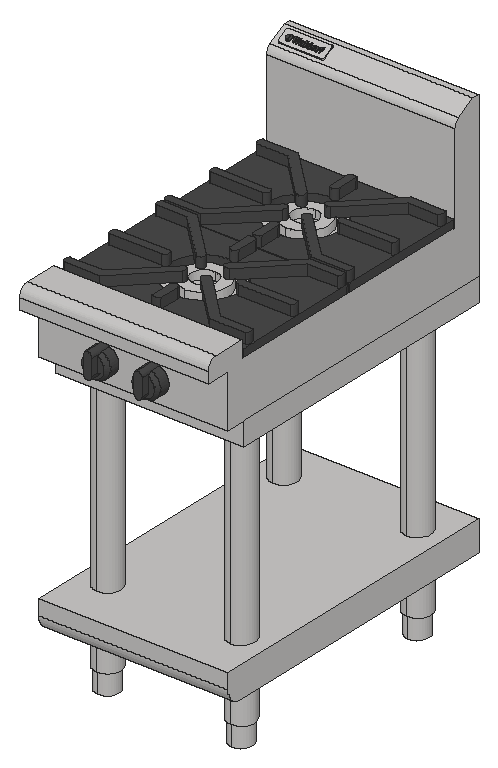
Revit family "QF_MOFFAT WALDORF_RN8450G-LS", category Specialty Equipment, Revit 2012
Parameters
  Weight in Pounds = 189.5973
  URL Cutsheet = "www.moffat.com"
  URL = "www.moffat.com"
  Type Mark [instance] = ""
  Status [instance] = ""
  Specification by User [instance] = ""
  Specification by Manufacturer = ""
  Show Logo [instance] = yes
  Show Casters [instance] = no
  Serial Number = ""
  Seismic Rating = ""
  SMACNA No = ""
  Revision Code [instance] = ""
  Omniclass Number and Title = ""
  NAFEM Spec ID Number = ""
  Model = "RN8450G-LS"
  Mechanical Remarks [instance] = ""
  Mechanical Connection Type [instance] = ""
  Masterspec = ""
  Manufacturer = "MOFFAT WALDORF"
  Legs [instance] = not(Show Casters)  # yes
  Item Number [instance] = ""
  Installed By [instance] = ""
  Identify Quantity as Lot [instance] = yes
  Gas Size = 3/4"
  Gas RI Height [instance] = 0 mm
  Gas KW [instance] = 15.5
  Gas Input [instance] = 53078.0 Btu/h
  Gas Connection Height = 0 mm
  Furnished By [instance] = ""
  Foodservice Equipment Identifier [instance] = yes
  Description = "COOK TOP GAS ON LEG STAND"
  CSI MasterFormat = ""
  CSI Master Format = ""
Reference planes
  plane 1 "BACK": y = 0
  plane 2: z = 0
  plane 3 "LEFT": x = 0
  plane 4 "RIGHT": x = 450
  plane 5 "FRONT": y = -805
  plane 6 "TOP": z = 1130
  plane 7 "Center Y": x = 225
  plane 8 "Center X": y = -402.5
Forms (mm)
  Extrusion 1, solid, material "QF_Finishes_Stainless Steel"
    sketch origin (0, 0, 0) x (0, 1, 0) y (0, 0, 1)
      loop
        line (-805, 891) -> (-805, 866) -> (-749, 866) -> (-749, 740) -> (0, 740) -> (0, 1130) -> (-16.5, 1130) -> (-58.709, 1105.631)
        arc (-58.709, 1105.631) -> (-66.975, 1097.365) -> (-70, 1086.074) r 22.582
        line (-70, 1086.074) -> (-70, 875) -> (-705, 875) -> (-705, 915) -> (-781, 915)
        arc (-781, 915) -> (-797.971, 907.971) -> (-805, 891) r 24
      loop
        line (0, 739.206) -> (-699, 739.206) -> (-699, 685) -> (0, 685) -> (0, 739.206)
      loop
        line (0, 222.5) -> (-749, 222.5) -> (-749, 188)
        arc (-749, 188) -> (-737.87, 161.13) -> (-711, 150) r 38
        line (-711, 150) -> (0, 150) -> (0, 222.5)
    from 0 to 450
  Revolve 2, solid, material "QF_Finishes_Black"
    sketch origin (285, 0, 600) x (0, -1, 0) y (0, 0, 1)
      loop
        line (782, 229.605) -> (759, 229.605) -> (759, 202.105) -> (749, 202.105) -> (749, 197.105) -> (793, 197.105) -> (793, 223.757) -> (782, 229.605)
      axis (793, 197.105) -> (749, 197.105)
    angle from 0 to 360
  Extrusion 3, solid, material "QF_Finishes_Black"
    sketch origin (146.569, 0, 496.003) x (1, 0, 0) y (0, 0, 1)
      loop
        line (148.431, 289) -> (148.431, 327.997)
        arc (148.431, 327.997) -> (138.431, 337.997) -> (128.431, 327.997) r 10
        line (128.431, 327.997) -> (128.431, 289)
        arc (128.431, 289) -> (138.431, 279) -> (148.431, 289) r 10
    from 759 to 808
  Extrusion 4, solid, material "QF_Finishes_Stainless Steel"
    sketch origin (0, -699, 685) x (1, 0, 0) y (0, -1, 0)
      loop
        circle (320, -667) r 13.5
    from 0 to 30
  Revolve 5, solid, material "QF_Finishes_Black"
    sketch origin (165, 0, 599.873) x (0, 1, 0) y (0, 0, -1)
      loop
        line (-782, -229.5) -> (-759, -229.5) -> (-759, -202) -> (-749, -202) -> (-749, -197) -> (-793, -197) -> (-793, -223.651) -> (-782, -229.5)
      axis (-793, -197) -> (-749, -197)
    angle from 0 to 360
  Extrusion 6, solid, material "QF_Finishes_Black"
    sketch origin (303.27, 0, 600.031) x (-1, 0, 0) y (0, 0, -1)
      loop
        arc (148.269, -184.969) -> (138.269, -174.969) -> (128.269, -184.969) r 10
        line (128.269, -184.969) -> (128.269, -223.969)
        arc (128.269, -223.969) -> (138.269, -233.969) -> (148.269, -223.969) r 10
        line (148.269, -223.969) -> (148.269, -184.969)
    from 759 to 808
  Extrusion 7, solid, material "QF_Finishes_Black"
    sketch origin (0, -70, 875) x (0, -1, 0) y (1, 0, 0)
      loop
        line (316, 4) -> (316, 446)
        arc (316, 446) -> (315.121, 448.121) -> (313, 449) r 3
        line (313, 449) -> (4, 449)
        arc (4, 449) -> (1.879, 448.121) -> (1, 446) r 3
        line (1, 446) -> (1, 4)
        arc (1, 4) -> (1.879, 1.879) -> (4, 1) r 3
        line (4, 1) -> (313, 1)
        arc (313, 1) -> (315.121, 1.879) -> (316, 4) r 3
      loop
        line (321, 1) -> (630, 1)
        arc (630, 1) -> (632.121, 1.879) -> (633, 4) r 3
        line (633, 4) -> (633, 446)
        arc (633, 446) -> (632.121, 448.121) -> (630, 449) r 3
        line (630, 449) -> (321, 449)
        arc (321, 449) -> (318.879, 448.121) -> (318, 446) r 3
        line (318, 446) -> (318, 4)
        arc (318, 4) -> (318.879, 1.879) -> (321, 1) r 3
      loop
        circle (166.5, 225) r 87
      loop
        circle (466.5, 225) r 87
    from 0 to 19.5
  Extrusion 8, solid, material "QF_Finishes_Black"
    sketch origin (0, -70, 894.5) x (0, -1, 0) y (1, 0, 0)
      loop
        line (39.503, 81.861) -> (141.683, 184.041)
        spline (141.683, 184.041) -> (143.272, 186.112) -> (144.271, 188.524) -> (144.612, 191.112) -> (144.271, 193.7) -> (143.272, 196.112) -> (141.683, 198.183) -> (139.612, 199.772) -> (137.2, 200.771) -> (134.612, 201.112) -> (132.024, 200.771) -> (129.612, 199.772) -> (127.541, 198.183)
        line (127.541, 198.183) -> (19.503, 90.145) -> (19.503, 8.933)
        spline (19.503, 8.933) -> (19.844, 7.639) -> (20.843, 6.433) -> (22.432, 5.397) -> (24.503, 4.603) -> (26.915, 4.103) -> (29.503, 3.933) -> (32.091, 4.103) -> (34.503, 4.603) -> (36.574, 5.397) -> (38.163, 6.433) -> (39.162, 7.639) -> (39.503, 8.933)
        line (39.503, 8.933) -> (39.503, 81.861)
      loop
        line (19.503, 359.855) -> (127.541, 251.817)
        spline (127.541, 251.817) -> (129.612, 250.228) -> (132.024, 249.229) -> (134.612, 248.888) -> (137.2, 249.229) -> (139.612, 250.228) -> (141.683, 251.817) -> (143.272, 253.888) -> (144.271, 256.3) -> (144.612, 258.888) -> (144.271, 261.476) -> (143.272, 263.888) -> (141.683, 265.959)
        line (141.683, 265.959) -> (39.503, 368.139) -> (39.503, 441.067)
        spline (39.503, 441.067) -> (39.162, 442.361) -> (38.163, 443.567) -> (36.574, 444.603) -> (34.503, 445.397) -> (32.091, 445.897) -> (29.503, 446.067) -> (26.915, 445.897) -> (24.503, 445.397) -> (22.432, 444.603) -> (20.843, 443.567) -> (19.844, 442.361) -> (19.503, 441.067)
        line (19.503, 441.067) -> (19.503, 359.855)
      loop
        spline (26.398, 235) -> (25.104, 234.659) -> (23.898, 233.66) -> (22.862, 232.071) -> (22.068, 230) -> (21.568, 227.588) -> (21.398, 225) -> (21.568, 222.412) -> (22.068, 220) -> (22.862, 217.929) -> (23.898, 216.34) -> (25.104, 215.341) -> (26.398, 215)
        line (26.398, 215) -> (75.602, 215)
        spline (75.602, 215) -> (78.19, 215.341) -> (80.602, 216.34) -> (82.673, 217.929) -> (84.262, 220) -> (85.261, 222.412) -> (85.602, 225) -> (85.261, 227.588) -> (84.262, 230) -> (82.673, 232.071) -> (80.602, 233.66) -> (78.19, 234.659) -> (75.602, 235)
        line (75.602, 235) -> (26.398, 235)
      loop
        line (158.5, 441.102) -> (158.5, 316.898)
        spline (158.5, 316.898) -> (158.841, 314.31) -> (159.84, 311.898) -> (161.429, 309.827) -> (163.5, 308.238) -> (165.912, 307.239) -> (168.5, 306.898) -> (171.088, 307.239) -> (173.5, 308.238) -> (175.571, 309.827) -> (177.16, 311.898) -> (178.159, 314.31) -> (178.5, 316.898)
        line (178.5, 316.898) -> (178.5, 441.102)
        spline (178.5, 441.102) -> (178.159, 442.396) -> (177.16, 443.602) -> (175.571, 444.638) -> (173.5, 445.432) -> (171.088, 445.932) -> (168.5, 446.102) -> (165.912, 445.932) -> (163.5, 445.432) -> (161.429, 444.638) -> (159.84, 443.602) -> (158.841, 442.396) -> (158.5, 441.102)
      loop
        line (313.497, 355.855) -> (313.497, 441.067)
        spline (313.497, 441.067) -> (313.156, 442.361) -> (312.157, 443.567) -> (310.568, 444.603) -> (308.497, 445.397) -> (306.085, 445.897) -> (303.497, 446.067) -> (300.909, 445.897) -> (298.497, 445.397) -> (296.426, 444.603) -> (294.837, 443.567) -> (293.838, 442.361) -> (293.497, 441.067)
        line (293.497, 441.067) -> (293.497, 364.139) -> (190.439, 261.081)
        spline (190.439, 261.081) -> (188.85, 259.01) -> (187.851, 256.598) -> (187.51, 254.01) -> (187.851, 251.422) -> (188.85, 249.01) -> (190.439, 246.939) -> (192.51, 245.35) -> (194.922, 244.351) -> (197.51, 244.01) -> (200.098, 244.351) -> (202.51, 245.35) -> (204.581, 246.939)
        line (204.581, 246.939) -> (313.497, 355.855)
      loop
        line (293.497, 85.861) -> (293.497, 8.933)
        spline (293.497, 8.933) -> (293.838, 7.639) -> (294.837, 6.433) -> (296.426, 5.397) -> (298.497, 4.603) -> (300.909, 4.103) -> (303.497, 3.933) -> (306.085, 4.103) -> (308.497, 4.603) -> (310.568, 5.397) -> (312.157, 6.433) -> (313.156, 7.639) -> (313.497, 8.933)
        line (313.497, 8.933) -> (313.497, 94.145) -> (204.581, 203.061)
        spline (204.581, 203.061) -> (202.51, 204.65) -> (200.098, 205.649) -> (197.51, 205.99) -> (194.922, 205.649) -> (192.51, 204.65) -> (190.439, 203.061) -> (188.85, 200.99) -> (187.851, 198.578) -> (187.51, 195.99) -> (187.851, 193.402) -> (188.85, 190.99) -> (190.439, 188.919)
        line (190.439, 188.919) -> (293.497, 85.861)
      loop
        line (178.5, 8.898) -> (178.5, 133.102)
        spline (178.5, 133.102) -> (178.159, 135.69) -> (177.16, 138.102) -> (175.571, 140.173) -> (173.5, 141.762) -> (171.088, 142.761) -> (168.5, 143.102) -> (165.912, 142.761) -> (163.5, 141.762) -> (161.429, 140.173) -> (159.84, 138.102) -> (158.841, 135.69) -> (158.5, 133.102)
        line (158.5, 133.102) -> (158.5, 8.898)
        spline (158.5, 8.898) -> (158.841, 7.604) -> (159.84, 6.398) -> (161.429, 5.362) -> (163.5, 4.568) -> (165.912, 4.068) -> (168.5, 3.898) -> (171.088, 4.068) -> (173.5, 4.568) -> (175.571, 5.362) -> (177.16, 6.398) -> (178.159, 7.604) -> (178.5, 8.898)
      loop
        spline (308.602, 215) -> (309.896, 215.341) -> (311.102, 216.34) -> (312.138, 217.929) -> (312.932, 220) -> (313.432, 222.412) -> (313.602, 225) -> (313.432, 227.588) -> (312.932, 230) -> (312.138, 232.071) -> (311.102, 233.66) -> (309.896, 234.659) -> (308.602, 235)
        line (308.602, 235) -> (259.398, 235)
        spline (259.398, 235) -> (256.81, 234.659) -> (254.398, 233.66) -> (252.327, 232.071) -> (250.738, 230) -> (249.739, 227.588) -> (249.398, 225) -> (249.739, 222.412) -> (250.738, 220) -> (252.327, 217.929) -> (254.398, 216.34) -> (256.81, 215.341) -> (259.398, 215)
        line (259.398, 215) -> (308.602, 215)
      loop
        line (339.503, 81.861) -> (441.683, 184.041)
        spline (441.683, 184.041) -> (443.272, 186.112) -> (444.271, 188.524) -> (444.612, 191.112) -> (444.271, 193.7) -> (443.272, 196.112) -> (441.683, 198.183) -> (439.612, 199.772) -> (437.2, 200.771) -> (434.612, 201.112) -> (432.024, 200.771) -> (429.612, 199.772) -> (427.541, 198.183)
        line (427.541, 198.183) -> (319.503, 90.145) -> (319.503, 8.933)
        spline (319.503, 8.933) -> (319.844, 7.639) -> (320.843, 6.433) -> (322.432, 5.397) -> (324.503, 4.603) -> (326.915, 4.103) -> (329.503, 3.933) -> (332.091, 4.103) -> (334.503, 4.603) -> (336.574, 5.397) -> (338.163, 6.433) -> (339.162, 7.639) -> (339.503, 8.933)
        line (339.503, 8.933) -> (339.503, 81.861)
      loop
        line (319.503, 359.855) -> (427.541, 251.817)
        spline (427.541, 251.817) -> (429.612, 250.228) -> (432.024, 249.229) -> (434.612, 248.888) -> (437.2, 249.229) -> (439.612, 250.228) -> (441.683, 251.817) -> (443.272, 253.888) -> (444.271, 256.3) -> (444.612, 258.888) -> (444.271, 261.476) -> (443.272, 263.888) -> (441.683, 265.959)
        line (441.683, 265.959) -> (339.503, 368.139) -> (339.503, 441.067)
        spline (339.503, 441.067) -> (339.162, 442.361) -> (338.163, 443.567) -> (336.574, 444.603) -> (334.503, 445.397) -> (332.091, 445.897) -> (329.503, 446.067) -> (326.915, 445.897) -> (324.503, 445.397) -> (322.432, 444.603) -> (320.843, 443.567) -> (319.844, 442.361) -> (319.503, 441.067)
        line (319.503, 441.067) -> (319.503, 359.855)
      loop
        spline (326.398, 235) -> (325.104, 234.659) -> (323.898, 233.66) -> (322.862, 232.071) -> (322.068, 230) -> (321.568, 227.588) -> (321.398, 225) -> (321.568, 222.412) -> (322.068, 220) -> (322.862, 217.929) -> (323.898, 216.34) -> (325.104, 215.341) -> (326.398, 215)
        line (326.398, 215) -> (375.602, 215)
        spline (375.602, 215) -> (378.19, 215.341) -> (380.602, 216.34) -> (382.673, 217.929) -> (384.262, 220) -> (385.261, 222.412) -> (385.602, 225) -> (385.261, 227.588) -> (384.262, 230) -> (382.673, 232.071) -> (380.602, 233.66) -> (378.19, 234.659) -> (375.602, 235)
        line (375.602, 235) -> (326.398, 235)
      loop
        line (458.5, 441.102) -> (458.5, 316.898)
        spline (458.5, 316.898) -> (458.841, 314.31) -> (459.84, 311.898) -> (461.429, 309.827) -> (463.5, 308.238) -> (465.912, 307.239) -> (468.5, 306.898) -> (471.088, 307.239) -> (473.5, 308.238) -> (475.571, 309.827) -> (477.16, 311.898) -> (478.159, 314.31) -> (478.5, 316.898)
        line (478.5, 316.898) -> (478.5, 441.102)
        spline (478.5, 441.102) -> (478.159, 442.396) -> (477.16, 443.602) -> (475.571, 444.638) -> (473.5, 445.432) -> (471.088, 445.932) -> (468.5, 446.102) -> (465.912, 445.932) -> (463.5, 445.432) -> (461.429, 444.638) -> (459.84, 443.602) -> (458.841, 442.396) -> (458.5, 441.102)
      loop
        line (613.497, 355.855) -> (613.497, 441.067)
        spline (613.497, 441.067) -> (613.156, 442.361) -> (612.157, 443.567) -> (610.568, 444.603) -> (608.497, 445.397) -> (606.085, 445.897) -> (603.497, 446.067) -> (600.909, 445.897) -> (598.497, 445.397) -> (596.426, 444.603) -> (594.837, 443.567) -> (593.838, 442.361) -> (593.497, 441.067)
        line (593.497, 441.067) -> (593.497, 364.139) -> (490.439, 261.081)
        spline (490.439, 261.081) -> (488.85, 259.01) -> (487.851, 256.598) -> (487.51, 254.01) -> (487.851, 251.422) -> (488.85, 249.01) -> (490.439, 246.939) -> (492.51, 245.35) -> (494.922, 244.351) -> (497.51, 244.01) -> (500.098, 244.351) -> (502.51, 245.35) -> (504.581, 246.939)
        line (504.581, 246.939) -> (613.497, 355.855)
      loop
        line (593.497, 85.861) -> (593.497, 8.933)
        spline (593.497, 8.933) -> (593.838, 7.639) -> (594.837, 6.433) -> (596.426, 5.397) -> (598.497, 4.603) -> (600.909, 4.103) -> (603.497, 3.933) -> (606.085, 4.103) -> (608.497, 4.603) -> (610.568, 5.397) -> (612.157, 6.433) -> (613.156, 7.639) -> (613.497, 8.933)
        line (613.497, 8.933) -> (613.497, 94.145) -> (504.581, 203.061)
        spline (504.581, 203.061) -> (502.51, 204.65) -> (500.098, 205.649) -> (497.51, 205.99) -> (494.922, 205.649) -> (492.51, 204.65) -> (490.439, 203.061) -> (488.85, 200.99) -> (487.851, 198.578) -> (487.51, 195.99) -> (487.851, 193.402) -> (488.85, 190.99) -> (490.439, 188.919)
        line (490.439, 188.919) -> (593.497, 85.861)
      loop
        line (478.5, 8.898) -> (478.5, 133.102)
        spline (478.5, 133.102) -> (478.159, 135.69) -> (477.16, 138.102) -> (475.571, 140.173) -> (473.5, 141.762) -> (471.088, 142.761) -> (468.5, 143.102) -> (465.912, 142.761) -> (463.5, 141.762) -> (461.429, 140.173) -> (459.84, 138.102) -> (458.841, 135.69) -> (458.5, 133.102)
        line (458.5, 133.102) -> (458.5, 8.898)
        spline (458.5, 8.898) -> (458.841, 7.604) -> (459.84, 6.398) -> (461.429, 5.362) -> (463.5, 4.568) -> (465.912, 4.068) -> (468.5, 3.898) -> (471.088, 4.068) -> (473.5, 4.568) -> (475.571, 5.362) -> (477.16, 6.398) -> (478.159, 7.604) -> (478.5, 8.898)
      loop
        spline (608.602, 215) -> (609.896, 215.341) -> (611.102, 216.34) -> (612.138, 217.929) -> (612.932, 220) -> (613.432, 222.412) -> (613.602, 225) -> (613.432, 227.588) -> (612.932, 230) -> (612.138, 232.071) -> (611.102, 233.66) -> (609.896, 234.659) -> (608.602, 235)
        line (608.602, 235) -> (559.398, 235)
        spline (559.398, 235) -> (556.81, 234.659) -> (554.398, 233.66) -> (552.327, 232.071) -> (550.738, 230) -> (549.739, 227.588) -> (549.398, 225) -> (549.739, 222.412) -> (550.738, 220) -> (552.327, 217.929) -> (554.398, 216.34) -> (556.81, 215.341) -> (559.398, 215)
        line (559.398, 215) -> (608.602, 215)
    from 0 to 23.5
  Revolve 9, solid, material "QF_Finishes_Stainless Steel", visible <- "Legs"
    sketch origin (65, -165, 0) x (0, 1, 0) y (0, 0, 1)
      loop
        line (33.25, 150) -> (33.25, 50) -> (37.5, 50) -> (37.5, 0) -> (65, 0) -> (65, 150) -> (33.25, 150)
      axis (65, 150) -> (65, 0)
    angle from 0 to 360
  Revolve 10, solid, material "QF_Finishes_Stainless Steel"
    sketch origin (65, -735, 0) x (0, 1, 0) y (0, 0, 1)
      loop
        line (78.25, 150) -> (78.25, 50) -> (82.5, 50) -> (82.5, 0) -> (110, 0) -> (110, 150) -> (78.25, 150)
      axis (110, 150) -> (110, 0)
    angle from 0 to 360
  Revolve 11, solid, material "QF_Finishes_Stainless Steel", visible <- "Legs"
    sketch origin (384, -165, 0) x (0, 1, 0) y (0, 0, -1)
      loop
        line (33.25, -150) -> (65, -150) -> (65, 0) -> (37.5, 0) -> (37.5, -50) -> (33.25, -50) -> (33.25, -150)
      axis (65, -150) -> (65, 0)
    angle from 0 to 360
  Revolve 12, solid, material "QF_Finishes_Stainless Steel"
    sketch origin (384, -735, 0) x (0, 1, 0) y (0, 0, -1)
      loop
        line (78.25, -150) -> (110, -150) -> (110, 0) -> (82.5, 0) -> (82.5, -50) -> (78.25, -50) -> (78.25, -150)
      axis (110, -150) -> (110, 0)
    angle from 0 to 360
  Extrusion 13, solid, material "QF_Finishes_Stainless Steel"
    sketch origin (0, -699, 222.5) x (0, -1, 0) y (1, 0, 0)
      loop
        circle (-599, 65) r 31.75
      loop
        circle (-599, 384) r 31.75
      loop
        circle (-74, 65) r 31.75
      loop
        circle (-74, 384) r 31.75
    from 0 to 462.5
  Extrusion 14, solid, material "QF_Finishes_Stainless Steel"
    sketch origin (0, -70, 875) x (0, -1, 0) y (1, 0, 0)
      loop
        circle (166.5, 225) r 57
      loop
        circle (466.5, 225) r 57
      loop
        circle (166.5, 225) r 30
      loop
        circle (466.5, 225) r 30
    from 0 to 20
Cuts and joins
  joined: Revolve 2, Extrusion 3
Lines and regions (mm)
  symbolic lines
    curve 1: line (0, 0, 0) -> (0, -805, 0)
    curve 2: line (450, 0, 0) -> (0, 0, 0)
    curve 3: line (450, -805, 0) -> (450, 0, 0)
    curve 4: line (0, -70, 0) -> (450, -70, 0)
    curve 5: line (0, -805, 0) -> (450, -805, 0)
    curve 10: line (0, -385, 0) -> (450, -385, 0)
    curve 11: line (8.898, -98.128, 0) -> (85.628, -98.128, 0)
    curve 12: line (85.628, -98.128, 0) -> (193.551, -206.051, 0)
    curve 13: line (225, -96.398, 0) -> (225, -145.602, 0)
    curve 14: line (441.102, -98.128, 0) -> (364.372, -98.128, 0)
    curve 15: line (364.372, -98.128, 0) -> (256.449, -206.051, 0)
    curve 16: line (441.102, -237.5, 0) -> (316.898, -237.5, 0)
    curve 17: line (441.102, -376.872, 0) -> (364.372, -376.872, 0)
    curve 18: line (364.372, -376.872, 0) -> (256.449, -268.949, 0)
    curve 19: line (8.898, -376.872, 0) -> (85.628, -376.872, 0)
    curve 20: line (85.628, -376.872, 0) -> (193.551, -268.949, 0)
    curve 21: line (8.898, -237.5, 0) -> (133.102, -237.5, 0)
    curve 22: line (225, -378.602, 0) -> (225, -329.398, 0)
    curve 23: line (441.102, -397.128, 0) -> (364.372, -397.128, 0)
    curve 24: line (364.372, -397.128, 0) -> (256.449, -505.051, 0)
    curve 25: line (225, -395.398, 0) -> (225, -444.602, 0)
    curve 26: line (8.898, -397.128, 0) -> (85.628, -397.128, 0)
    curve 27: line (85.628, -397.128, 0) -> (193.551, -505.051, 0)
    curve 28: line (8.898, -536.5, 0) -> (133.102, -536.5, 0)
    curve 29: line (441.102, -536.5, 0) -> (316.898, -536.5, 0)
    curve 30: line (364.372, -675.872, 0) -> (256.449, -567.949, 0)
    curve 31: line (441.102, -675.872, 0) -> (364.372, -675.872, 0)
    curve 32: line (225, -677.602, 0) -> (225, -628.398, 0)
    curve 33: line (85.628, -675.872, 0) -> (193.551, -567.949, 0)
    curve 34: line (8.898, -675.872, 0) -> (85.628, -675.872, 0)
    curve 35: arc (225, -293.5, 0) -> (168, -236.5, 0) -> (225, -179.5, 0) r 57
    curve 36: arc (225, -179.5, 0) -> (282, -236.5, 0) -> (225, -293.5, 0) r 57
    curve 37: arc (225, -593.5, 0) -> (168, -536.5, 0) -> (225, -479.5, 0) r 57
    curve 38: arc (225, -479.5, 0) -> (282, -536.5, 0) -> (225, -593.5, 0) r 57
    curve 39: line (450, -705, 0) -> (0, -705, 0)
    curve 40: arc (225, -623.5, 0) -> (138, -536.5, 0) -> (225, -449.5, 0) r 87
    curve 41: arc (225, -449.5, 0) -> (312, -536.5, 0) -> (225, -623.5, 0) r 87
    curve 42: arc (225, -323.5, 0) -> (138, -236.5, 0) -> (225, -149.5, 0) r 87
    curve 43: arc (225, -149.5, 0) -> (312, -236.5, 0) -> (225, -323.5, 0) r 87
    curve 44: arc (225, -206.5, 0) -> (255, -236.5, 0) -> (225, -266.5, 0) r 30
    curve 45: arc (225, -266.5, 0) -> (195, -236.5, 0) -> (225, -206.5, 0) r 30
    curve 46: arc (225, -506.5, 0) -> (255, -536.5, 0) -> (225, -566.5, 0) r 30
    curve 47: arc (225, -566.5, 0) -> (195, -536.5, 0) -> (225, -506.5, 0) r 30
  symbolic lines, visible <- "Show Logo"
    curve 6: line (12.5, -51.234, 0) -> (12.5, -20.958, 0)
    curve 7: line (12.5, -20.958, 0) -> (121.5, -20.958, 0)
    curve 8: line (12.5, -51.234, 0) -> (121.5, -51.234, 0)
    curve 9: line (121.5, -20.958, 0) -> (121.5, -51.234, 0)
Dimensions and locks
  equal spacing: plane 3 "LEFT", plane 7 "Center Y", plane 4 "RIGHT"
  plane 3 "LEFT" to plane 4 "RIGHT" = 450 mm
  equal spacing: plane 5 "FRONT", plane 8 "Center X", plane 1 "BACK"
  plane 5 "FRONT" to plane 1 "BACK" = 805 mm  (x2)
  equal spacing: plane 4 "RIGHT", plane 7 "Center Y", plane 3 "LEFT"
  plane 4 "RIGHT" to plane 3 "LEFT" = 450 mm
  plane 6 "TOP" to level = 1130 mm  (x2)
  Extrusion 4 to level = 685 mm
  Extrusion 4 to plane 1 "BACK" = 32 mm
  aligned and locked: level to plane 2
  aligned and locked: curve 3 to plane 4 "RIGHT"
Automatic sketch dimensions
  Revolve 2 sketch curve to plane 5 "FRONT" = 56 mm
  Revolve 2 sketch curve to Revolve 2 sketch curve = 10 mm
  Revolve 2 sketch curve to Revolve 2 sketch curve = 21.3 mm
  Revolve 2 sketch curve to plane 5 "FRONT" = 23 mm
  Revolve 2 sketch curve to plane 5 "FRONT" = 12 mm
  Revolve 2 sketch curve to Revolve 2 sketch curve = 0 mm  (x2)
  level to Revolve 2 sketch curve = 797.105 mm
  Revolve 2 sketch curve to Revolve 2 sketch curve = 5 mm
  Revolve 2 sketch curve to Revolve 2 sketch curve = 26.651 mm
  Revolve 2 sketch curve to Revolve 2 sketch curve = 5.849 mm
  Extrusion 3 sketch curve to Extrusion 3 sketch curve = 10 mm
  level to Extrusion 3 sketch curve = 785.003 mm
  Extrusion 3 sketch curve to Extrusion 3 sketch curve = 38.997 mm
  Revolve 5 sketch curve to plane 5 "FRONT" = 12 mm
  Revolve 5 sketch curve to Revolve 5 sketch curve = 0 mm  (x2)
  Revolve 5 sketch curve to Revolve 5 sketch curve = 11 mm
  Revolve 5 sketch curve to Revolve 5 sketch curve = 12.7 mm
  Revolve 5 sketch curve to Revolve 5 sketch curve = 23 mm
  Revolve 5 sketch curve to Revolve 5 sketch curve = 10 mm
  level to Revolve 5 sketch curve = 829.373 mm
  Revolve 5 sketch curve to Revolve 5 sketch curve = 5.849 mm
  Revolve 5 sketch curve to Revolve 5 sketch curve = 27.5 mm
  Revolve 5 sketch curve to Revolve 5 sketch curve = 5 mm
  Extrusion 6 sketch curve to Extrusion 6 sketch curve = 10 mm
  level to Extrusion 6 sketch curve = 824 mm
  Extrusion 6 sketch curve to Extrusion 6 sketch curve = 39 mm
  Extrusion 1 to Extrusion 7 sketch curve = 1 mm  (x5)
  Extrusion 1 to Extrusion 7 sketch curve = 4 mm  (x3)
  Extrusion 1 to Extrusion 7 sketch curve = 166.5 mm
  Extrusion 7 sketch curve to Extrusion 7 sketch curve = 146.5 mm  (x2)
  Extrusion 7 sketch curve to Extrusion 7 sketch curve = 2 mm
  Extrusion 7 sketch curve to Extrusion 7 sketch curve = 3 mm  (x2)
  Extrusion 7 sketch curve to Extrusion 1 = 168.5 mm
  Extrusion 7 sketch curve to Extrusion 1 = 5 mm  (x2)
  Extrusion 7 sketch curve to Extrusion 1 = 2 mm
  Extrusion 1 to Extrusion 7 sketch curve = 225 mm  (x2)
  Extrusion 8 sketch curve to Extrusion 7 = 18.503 mm  (x2)
  Extrusion 8 sketch curve to Extrusion 7 = 25.398 mm
  Extrusion 8 sketch curve to Extrusion 8 sketch curve = 10 mm  (x16)
  Extrusion 8 sketch curve to Extrusion 8 sketch curve = 49.204 mm  (x2)
  Extrusion 8 sketch curve to Extrusion 8 sketch curve = 51.939 mm  (x2)
  Extrusion 8 sketch curve to Extrusion 8 sketch curve = 0 mm  (x3)
  Extrusion 8 sketch curve to Extrusion 8 sketch curve = 7.071 mm  (x8)
  Extrusion 8 sketch curve to Extrusion 7 = 7.898 mm  (x4)
  Extrusion 8 sketch curve to Extrusion 8 sketch curve = 118.997 mm  (x2)
  Extrusion 8 sketch curve to Extrusion 8 sketch curve = 16.817 mm  (x4)
  Extrusion 8 sketch curve to Extrusion 8 sketch curve = 48.756 mm  (x4)
  Extrusion 8 sketch curve to Extrusion 8 sketch curve = 54.817 mm  (x2)
  Extrusion 8 sketch curve to Extrusion 7 = 22.503 mm  (x2)
  Extrusion 8 sketch curve to Extrusion 7 = 7.398 mm
  Extrusion 8 sketch curve to Extrusion 7 = 1.503 mm  (x2)
  Extrusion 8 sketch curve to Extrusion 7 = 8.398 mm
  Extrusion 8 sketch curve to Extrusion 7 = 7.933 mm  (x7)
  Extrusion 8 sketch curve to Extrusion 7 = 39.503 mm  (x2)
  Extrusion 8 sketch curve to Extrusion 7 = 24.398 mm
  Extrusion 8 sketch curve to Extrusion 8 sketch curve = 72.928 mm  (x2)
  Extrusion 8 sketch curve to Extrusion 8 sketch curve = 4 mm  (x3)
  Extrusion 8 sketch curve to Extrusion 8 sketch curve = 76.928 mm
  Extrusion 8 sketch curve to Extrusion 8 sketch curve = 8.284 mm  (x7)
  Extrusion 8 sketch curve to Extrusion 8 sketch curve = 124.204 mm  (x2)
  Extrusion 8 sketch curve to Extrusion 8 sketch curve = 50.939 mm  (x3)
  Extrusion 8 sketch curve to Extrusion 8 sketch curve = 4.878 mm  (x2)
  Extrusion 8 sketch curve to Extrusion 8 sketch curve = 11.939 mm  (x2)
  Extrusion 8 sketch curve to Extrusion 8 sketch curve = 43.878 mm  (x2)
  Extrusion 8 sketch curve to Extrusion 8 sketch curve = 53.634 mm  (x2)
  Extrusion 8 sketch curve to Extrusion 8 sketch curve = 55.817 mm
  Extrusion 8 sketch curve to Extrusion 7 = 93.145 mm
  Extrusion 8 sketch curve to Extrusion 8 sketch curve = 85.212 mm
  Extrusion 8 sketch curve to Extrusion 7 = 89.145 mm
  plane 7 "Center Y" to Extrusion 3 sketch curve = 50 mm
  Extrusion 6 sketch curve to plane 7 "Center Y" = 49.999 mm
  plane 1 "BACK" to Revolve 9 sketch curve = 131.75 mm
  Revolve 9 sketch curve to Revolve 9 sketch curve = 4.25 mm
  Revolve 9 sketch curve to Revolve 9 sketch curve = 27.5 mm  (x2)
  Revolve 9 sketch curve to level = 55 mm
  Revolve 9 sketch curve to Revolve 9 sketch curve = 55 mm
  Revolve 9 sketch curve to Revolve 9 sketch curve = 50 mm
  Revolve 9 sketch curve to Revolve 9 sketch curve = 0 mm
  level to Revolve 9 sketch curve = 150 mm
  Revolve 10 sketch curve to plane 5 "FRONT" = 148.25 mm
  Revolve 10 sketch curve to Revolve 10 sketch curve = 4.25 mm
  Revolve 10 sketch curve to Revolve 10 sketch curve = 27.5 mm  (x2)
  Revolve 10 sketch curve to level = 55 mm
  Revolve 10 sketch curve to Revolve 10 sketch curve = 55 mm
  Revolve 10 sketch curve to Revolve 10 sketch curve = 50 mm
  Revolve 10 sketch curve to Revolve 10 sketch curve = 0 mm
  level to Revolve 10 sketch curve = 150 mm
  plane 1 "BACK" to Revolve 11 sketch curve = 131.75 mm
  Revolve 11 sketch curve to Revolve 11 sketch curve = 4.25 mm
  Revolve 11 sketch curve to Revolve 11 sketch curve = 27.5 mm  (x2)
  level to Revolve 11 sketch curve = 150 mm
  Revolve 11 sketch curve to Revolve 11 sketch curve = 100 mm
  Revolve 11 sketch curve to Revolve 11 sketch curve = 0 mm
  Revolve 11 sketch curve to Revolve 11 sketch curve = 50 mm
  Revolve 11 sketch curve to Revolve 11 sketch curve = 55 mm
  Revolve 12 sketch curve to plane 5 "FRONT" = 148.25 mm
  Revolve 12 sketch curve to Revolve 12 sketch curve = 4.25 mm
  Revolve 12 sketch curve to Revolve 12 sketch curve = 27.5 mm  (x2)
  level to Revolve 12 sketch curve = 150 mm
  Revolve 12 sketch curve to Revolve 12 sketch curve = 100 mm
  Revolve 12 sketch curve to Revolve 12 sketch curve = 0 mm
  Revolve 12 sketch curve to Revolve 12 sketch curve = 50 mm
  Revolve 12 sketch curve to Revolve 12 sketch curve = 55 mm
  Extrusion 13 sketch curve to Extrusion 13 sketch curve = 31.75 mm  (x4)
  plane 1 "BACK" to Extrusion 4 sketch curve = 32 mm
  plane 7 "Center Y" to Extrusion 4 sketch curve = 95 mm
  Extrusion 1 sketch curve to plane 5 "FRONT" = 0 mm
  Extrusion 1 sketch curve to plane 6 "TOP" = 0 mm
  Extrusion 1 sketch curve to plane 1 "BACK" = 0 mm  (x3)
  Extrusion 1 sketch curve to plane 5 "FRONT" = 24 mm
  Extrusion 1 sketch curve to plane 5 "FRONT" = 56 mm  (x2)
  Extrusion 1 sketch curve to Extrusion 1 sketch curve = 50 mm
  Extrusion 1 sketch curve to Extrusion 1 sketch curve = 44 mm
  plane 1 "BACK" to Extrusion 1 sketch curve = 70 mm
  Extrusion 1 sketch curve to Extrusion 1 sketch curve = 11.291 mm  (x2)
  Extrusion 1 sketch curve to Extrusion 1 sketch curve = 16.5 mm
  Extrusion 1 sketch curve to plane 6 "TOP" = 24.369 mm
  Extrusion 1 sketch curve to plane 6 "TOP" = 215 mm
  Extrusion 1 sketch curve to Extrusion 1 sketch curve = 40 mm
  Extrusion 1 sketch curve to Extrusion 1 sketch curve = 25 mm
  Extrusion 1 sketch curve to Extrusion 1 sketch curve = 126 mm
  Extrusion 1 sketch curve to Extrusion 1 sketch curve = 0.794 mm
  Extrusion 1 sketch curve to Extrusion 1 sketch curve = 38 mm
  level to Extrusion 1 sketch curve = 222.5 mm
  Extrusion 1 sketch curve to Extrusion 1 sketch curve = 34.5 mm
  Extrusion 13 sketch curve to Extrusion 13 sketch curve = 0 mm  (x8)
  plane 1 "BACK" to Extrusion 13 sketch curve = 68.25 mm  (x2)
  plane 4 "RIGHT" to Extrusion 13 sketch curve = 66 mm  (x2)
  Extrusion 13 sketch curve to plane 8 "Center X" = 190.75 mm  (x2)
  plane 3 "LEFT" to Extrusion 13 sketch curve = 65 mm  (x2)
  Extrusion 1 sketch curve to Extrusion 1 sketch curve = 54.206 mm
  curve 35 to curve 42 = 0 mm  (x2)
  curve 37 to curve 40 = 0 mm  (x2)
  plane 1 "BACK" to curve 1 = 0 mm
  curve 1 to plane 3 "LEFT" = 0 mm
  curve 35 to plane 7 "Center Y" = 0 mm
  curve 41 to plane 7 "Center Y" = 0 mm
  curve 22 to plane 7 "Center Y" = 0 mm
  curve 25 to plane 7 "Center Y" = 0 mm
  curve 13 to plane 7 "Center Y" = 0 mm
  curve 32 to plane 7 "Center Y" = 0 mm
  plane 5 "FRONT" to curve 1 = 0 mm
  plane 3 "LEFT" to curve 21 = 8.898 mm
  plane 3 "LEFT" to curve 28 = 8.898 mm
  plane 3 "LEFT" to curve 11 = 8.898 mm
  plane 3 "LEFT" to curve 26 = 8.898 mm
  plane 3 "LEFT" to curve 34 = 8.898 mm
  plane 3 "LEFT" to curve 19 = 8.898 mm
  plane 3 "LEFT" to curve 8 = 12.5 mm
  curve 34 to curve 34 = 76.73 mm
  plane 8 "Center X" to curve 27 = 5.372 mm
  curve 26 to curve 27 = 76.73 mm
  curve 19 to curve 26 = 0 mm
  curve 11 to curve 11 = 76.73 mm
  curve 11 to curve 8 = 35.872 mm
  curve 28 to plane 7 "Center Y" = 91.898 mm
  curve 21 to plane 7 "Center Y" = 91.898 mm
  curve 12 to plane 7 "Center Y" = 31.449 mm
  curve 20 to plane 7 "Center Y" = 31.449 mm
  curve 27 to plane 7 "Center Y" = 31.449 mm
  curve 33 to plane 7 "Center Y" = 31.449 mm
  plane 7 "Center Y" to curve 18 = 31.449 mm
  plane 7 "Center Y" to curve 24 = 31.449 mm
  plane 7 "Center Y" to curve 30 = 31.449 mm
  plane 7 "Center Y" to curve 15 = 31.449 mm
  curve 30 to curve 29 = 60.449 mm
  curve 15 to curve 16 = 60.449 mm
  plane 4 "RIGHT" to curve 30 = 85.628 mm
  plane 8 "Center X" to curve 24 = 5.372 mm
  plane 4 "RIGHT" to curve 24 = 85.628 mm
  curve 17 to curve 23 = 0 mm
  plane 4 "RIGHT" to curve 14 = 85.628 mm
  plane 4 "RIGHT" to curve 16 = 8.898 mm
  plane 4 "RIGHT" to curve 14 = 8.898 mm
  plane 4 "RIGHT" to curve 31 = 8.898 mm
  plane 4 "RIGHT" to curve 17 = 8.898 mm
  plane 4 "RIGHT" to curve 29 = 8.898 mm
  plane 4 "RIGHT" to curve 23 = 8.898 mm
  curve 39 to plane 5 "FRONT" = 100 mm
  curve 32 to plane 5 "FRONT" = 127.398 mm
  curve 39 to curve 34 = 29.128 mm
  curve 39 to curve 31 = 29.128 mm
  curve 32 to curve 32 = 49.204 mm
  curve 32 to curve 40 = 4.898 mm
  curve 40 to curve 37 = 30 mm
  curve 38 to curve 30 = 25.551 mm
  curve 37 to curve 33 = 25.551 mm
  curve 33 to curve 28 = 31.449 mm
  curve 33 to curve 41 = 31.449 mm
  curve 30 to curve 29 = 31.449 mm
  curve 24 to curve 38 = 25.551 mm
  curve 27 to curve 37 = 25.551 mm
  curve 40 to curve 25 = 4.898 mm
  plane 8 "Center X" to curve 25 = 7.102 mm
  curve 23 to curve 10 = 12.128 mm
  curve 25 to curve 22 = 16.796 mm
  curve 10 to curve 19 = 8.128 mm
  curve 23 to curve 18 = 20.256 mm
  curve 22 to curve 22 = 49.204 mm
  curve 22 to curve 42 = 5.898 mm
  curve 43 to curve 36 = 30 mm
  curve 36 to curve 18 = 24.551 mm
  curve 35 to curve 20 = 24.551 mm
  curve 17 to curve 16 = 139.372 mm
  curve 19 to curve 21 = 139.372 mm
  curve 20 to curve 43 = 32.449 mm
  curve 15 to curve 36 = 26.551 mm
  curve 12 to curve 35 = 26.551 mm
  curve 42 to curve 13 = 3.898 mm
  plane 1 "BACK" to curve 14 = 98.128 mm
  plane 1 "BACK" to curve 11 = 98.128 mm
  curve 13 to curve 13 = 49.204 mm
  curve 14 to curve 4 = 28.128 mm
  curve 4 to curve 6 = 18.766 mm
  plane 1 "BACK" to curve 7 = 20.958 mm
  Extrusion 14 sketch curve to Extrusion 14 sketch curve = 0 mm  (x24)
  Extrusion 1 to Extrusion 14 sketch curve = 109.5 mm
  Extrusion 14 sketch curve to Extrusion 14 sketch curve = 27 mm  (x2)
  Extrusion 14 sketch curve to Extrusion 14 sketch curve = 30 mm  (x2)
  Extrusion 14 sketch curve to Extrusion 14 sketch curve = 186 mm
  Extrusion 1 to Extrusion 14 sketch curve = 225 mm  (x2)
  curve 35 to curve 44 = 0 mm  (x2)
  curve 35 to curve 45 = 27 mm
  curve 37 to curve 46 = 0 mm  (x2)
  curve 37 to curve 46 = 27 mm
  radius of Extrusion 7 sketch curve = 87 mm  (x2)
  radius of Extrusion 4 sketch curve = 13.5 mm
Nested families
  nested 1: "WALDORF LOGO" at (12.5, -36.099, 1101.97), visible <- "Show Logo", type "WALDORF LOGO", detail levels medium+fine
    with Type Mark "", Status "", Specification by User "", Show Logo yes, Revision Code "", Item Number "", Installed By "", Identify Quantity as Lot yes, Furnished By "", Foodservice Equipment Identifier yes
  nested 2: "RN840G-LS-CASTERS" at (65, -100, 0), Show Casters <- "Show Casters", visible <- "Show Casters", type "RN840G-LS-CASTERS"
    with Type Mark "", Status "", Specification by User "", Show Casters no, Revision Code "", Item Number "", Installed By "", Identify Quantity as Lot yes, Furnished By "", Foodservice Equipment Identifier yes
  nested 3: "RN840G-LS-CASTERS" at (384, -100, 0), Show Casters <- "Show Casters", visible <- "Show Casters", type "RN840G-LS-CASTERS"
    with Type Mark "", Status "", Specification by User "", Show Casters no, Revision Code "", Item Number "", Installed By "", Identify Quantity as Lot yes, Furnished By "", Foodservice Equipment Identifier yes
Connectors
  piping at (320, -32, 685)
    settings: on Extrusion 4, index 1, connector radius 0.37402", flow factor 0, pipe flow 0 GPM, pressure drop 0.00 psi, fitting loss kfactor 0, connector angle 0.00°, fixture units 0, engagement length 0 mm, flow configuration 1, flow direction 1, fitting loss method 0, system type 7, joint type 0, gender type 0, connector reference index -1, connector utility 0, adjustable connector no, is connector primary yes, fitting loss table "", connector description "GAS CONNECTION"
Definition of nested family "WALDORF LOGO"
  Parameters (values of type "BT8300-CB-LOGO")
    Weight in Pounds = 0
    URL Cutsheet = ""
    Type Mark [instance] = ""
    Status [instance] = ""
    Specification by User [instance] = ""
    Specification by Manufacturer = ""
    Show Logo [instance] = yes
    Serial Number = ""
    Seismic Rating = ""
    SMACNA No = ""
    Revision Code [instance] = ""
    Omniclass Number and Title = ""
    NAFEM Spec ID Number = ""
    Masterspec = ""
    Item Number [instance] = ""
    Installed By [instance] = ""
    Identify Quantity as Lot [instance] = yes
    Furnished By [instance] = ""
    Foodservice Equipment Identifier [instance] = yes
    CSI MasterFormat = ""
    CSI Master Format = ""
  Reference planes
    plane 1 "BACK": y = 0
    plane 2: z = 0
    plane 3 "LEFT": x = 0
    plane 4 "RIGHT": x = 109
    plane 5 "FRONT": y = -1.588
    plane 6 "TOP": z = 34.14
    plane 7 "Center Y": x = 54.5
    plane 8 "Center X": y = -0.794
  Forms (mm)
    Extrusion 1, solid, material "QF_Finishes_Stainless Steel", visible <- "Show Logo"
      sketch origin (0, -15.16, 7.701) x (1, 0, 0) y (0, 0.863373, 0.504566)
        loop
          arc (5, 34.14) -> (1.464, 32.676) -> (0, 29.14) r 5
          line (0, 29.14) -> (0, 5)
          arc (0, 5) -> (1.464, 1.464) -> (5, 0) r 5
          line (5, 0) -> (104, 0)
          arc (104, 0) -> (107.536, 1.464) -> (109, 5) r 5
          line (109, 5) -> (109, 29.14)
          arc (109, 29.14) -> (107.536, 32.676) -> (104, 34.14) r 5
          line (104, 34.14) -> (5, 34.14)
      from 0 to 1.588
    Extrusion 2, solid, material "QF_Finishes_Black", visible <- "Show Logo"
      sketch origin (0, -15.961, 9.072) x (1, 0, 0) y (0, 0.863373, 0.504566)
        loop
          line (24.772, 23.214) -> (27.992, 10.301) -> (31.551, 10.301) -> (33.443, 17.364) -> (35.205, 10.301) -> (39.332, 10.301) -> (42.077, 23.214) -> (38.352, 23.214) -> (36.676, 15.33) -> (35, 23.214) -> (31.752, 23.214) -> (30.076, 15.33) -> (28.4, 23.214) -> (24.772, 23.214)
        loop
          line (42.272, 17.055) -> (45.703, 17.055)
          spline (45.703, 17.055) -> (45.741, 17.285) -> (45.852, 17.499) -> (46.028, 17.682) -> (46.258, 17.823) -> (46.526, 17.912) -> (46.813, 17.942) -> (47.1, 17.912) -> (47.368, 17.823) -> (47.597, 17.682) -> (47.774, 17.499) -> (47.884, 17.285) -> (47.922, 17.055)
          line (47.922, 17.055) -> (47.922, 16.222)
          arc (47.922, 16.222) -> (45.742, 16.014) -> (43.665, 15.317) r 9.604
          arc (43.665, 15.317) -> (41.924, 12.809) -> (43.665, 10.301) r 2.677
          arc (43.665, 10.301) -> (45.527, 10.353) -> (47.332, 10.816) r 8.365
          line (47.332, 10.816) -> (48.092, 11.105) -> (48.092, 10.301) -> (51.817, 10.301) -> (51.817, 17.055)
          spline (51.817, 17.055) -> (51.654, 17.821) -> (51.178, 18.535) -> (50.419, 19.148) -> (49.431, 19.619) -> (48.28, 19.914) -> (47.044, 20.015) -> (45.809, 19.914) -> (44.658, 19.619) -> (43.67, 19.148) -> (42.911, 18.535) -> (42.434, 17.821) -> (42.272, 17.055)
        loop
          line (53.151, 23.214) -> (53.151, 10.301) -> (57.37, 10.301) -> (57.37, 23.214) -> (53.151, 23.214)
        loop
          line (64.874, 23.214) -> (64.874, 18.857)
          arc (64.874, 18.857) -> (58.083, 15.11) -> (64.874, 11.363) r 4.429
          line (64.874, 11.363) -> (64.874, 10.301) -> (68.378, 10.301) -> (68.378, 23.214) -> (64.874, 23.214)
        loop
          arc (64.874, 16.083) -> (61.41, 14.987) -> (64.874, 13.891) r 1.905
          line (64.874, 13.891) -> (64.874, 16.083)
        loop
          circle (74.623, 15.223) r 5
        loop
          spline (74.623, 17.856) -> (74.355, 17.766) -> (74.105, 17.503) -> (73.891, 17.084) -> (73.726, 16.539) -> (73.623, 15.904) -> (73.588, 15.223) -> (73.623, 14.541) -> (73.726, 13.906) -> (73.891, 13.361) -> (74.105, 12.942) -> (74.355, 12.679) -> (74.623, 12.59)
          spline (74.623, 12.59) -> (74.891, 12.679) -> (75.141, 12.942) -> (75.355, 13.361) -> (75.52, 13.906) -> (75.623, 14.541) -> (75.659, 15.223) -> (75.623, 15.904) -> (75.52, 16.539) -> (75.355, 17.084) -> (75.141, 17.503) -> (74.891, 17.766) -> (74.623, 17.856)
        loop
          line (81.255, 19.813) -> (81.255, 10.301) -> (84.834, 10.301) -> (84.834, 14.176)
          arc (84.834, 14.176) -> (85.854, 16.093) -> (88.013, 16.32) r 2.313
          line (88.013, 16.32) -> (88.013, 19.813) -> (87.161, 19.813)
          arc (87.161, 19.813) -> (85.526, 19.266) -> (84.549, 17.844) r 2.717
          line (84.549, 17.844) -> (84.549, 19.813) -> (81.255, 19.813)
        loop
          line (90.249, 19.813) -> (88.91, 19.813) -> (88.91, 17.614) -> (90.249, 17.614) -> (90.249, 10.301) -> (93.998, 10.301) -> (93.998, 17.614) -> (95.418, 17.614) -> (95.418, 19.813) -> (93.998, 19.813)
          arc (93.998, 19.813) -> (94.414, 20.817) -> (95.418, 21.233) r 1.42
          line (95.418, 21.233) -> (95.418, 23.602) -> (93.317, 23.602)
          arc (93.317, 23.602) -> (91.343, 22.903) -> (90.249, 21.118) r 3.137
          line (90.249, 21.118) -> (90.249, 19.813)
        loop
          arc (15.241, 23.571) -> (8.392, 16.525) -> (15.241, 9.479) r 7.049
          line (15.241, 9.479) -> (15.241, 23.571)
        loop
          line (15.641, 23.571) -> (15.641, 9.479)
          arc (15.641, 9.479) -> (22.49, 16.525) -> (15.641, 23.571) r 7.049
        loop
          arc (47.922, 14.711) -> (46.266, 13.749) -> (47.922, 12.787) r 1.107
          line (47.922, 12.787) -> (47.922, 14.711)
      from 0 to 0.2
  Dimensions and locks
    equal spacing: plane 3 "LEFT", plane 7 "Center Y", plane 4 "RIGHT"
    plane 3 "LEFT" to plane 4 "RIGHT" = 109 mm
    equal spacing: plane 5 "FRONT", plane 8 "Center X", plane 1 "BACK"
    plane 5 "FRONT" to plane 1 "BACK" = 1.588 mm
    aligned and locked: level to plane 2
  Automatic sketch dimensions
    Extrusion 1 sketch curve to plane 3 "LEFT" = 0 mm
    Extrusion 1 sketch curve to plane 4 "RIGHT" = 0 mm
    plane 3 "LEFT" to Extrusion 1 sketch curve = 5 mm  (x2)
    plane 4 "RIGHT" to Extrusion 1 sketch curve = 5 mm  (x2)
    Extrusion 1 sketch curve to Extrusion 1 sketch curve = 24.14 mm
    Extrusion 2 sketch curve to Extrusion 2 sketch curve = 0 mm  (x14)
    Extrusion 2 sketch curve to Extrusion 1 = 15.241 mm
    Extrusion 2 sketch curve to Extrusion 2 sketch curve = 0.2 mm
    Extrusion 2 sketch curve to Extrusion 2 sketch curve = 0.4 mm
    Extrusion 2 sketch curve to Extrusion 2 sketch curve = 9.131 mm
    Extrusion 2 sketch curve to Extrusion 1 = 10.301 mm  (x2)
    Extrusion 2 sketch curve to Extrusion 2 sketch curve = 12.351 mm
    Extrusion 2 sketch curve to Extrusion 2 sketch curve = 3.628 mm
    Extrusion 2 sketch curve to Extrusion 2 sketch curve = 2.084 mm
    Extrusion 2 sketch curve to Extrusion 2 sketch curve = 3.559 mm
    Extrusion 2 sketch curve to Extrusion 1 = 10.926 mm  (x2)
    Extrusion 2 sketch curve to Extrusion 2 sketch curve = 3.352 mm  (x2)
    Extrusion 2 sketch curve to Extrusion 2 sketch curve = 3.367 mm
    Extrusion 2 sketch curve to Extrusion 2 sketch curve = 3.249 mm
    Extrusion 2 sketch curve to Extrusion 2 sketch curve = 3.654 mm
    Extrusion 2 sketch curve to Extrusion 1 = 15.33 mm
    Extrusion 2 sketch curve to Extrusion 2 sketch curve = 3.233 mm
    Extrusion 2 sketch curve to Extrusion 2 sketch curve = 4.128 mm
    Extrusion 2 sketch curve to Extrusion 2 sketch curve = 3.725 mm
    Extrusion 2 sketch curve to Extrusion 2 sketch curve = 5.596 mm
    Extrusion 2 sketch curve to Extrusion 2 sketch curve = 4.333 mm
    Extrusion 2 sketch curve to Extrusion 2 sketch curve = 1.394 mm
    Extrusion 2 sketch curve to Extrusion 2 sketch curve = 2.092 mm
    Extrusion 2 sketch curve to Extrusion 2 sketch curve = 0.936 mm
    Extrusion 2 sketch curve to Extrusion 2 sketch curve = 1.34 mm
    Extrusion 2 sketch curve to Extrusion 2 sketch curve = 1.109 mm
    Extrusion 2 sketch curve to Extrusion 2 sketch curve = 0.232 mm
    Extrusion 2 sketch curve to Extrusion 2 sketch curve = 2.731 mm
    Extrusion 2 sketch curve to Extrusion 2 sketch curve = 0.549 mm  (x2)
    Extrusion 2 sketch curve to Extrusion 2 sketch curve = 0.407 mm
    Extrusion 2 sketch curve to Extrusion 2 sketch curve = 0.76 mm
    Extrusion 2 sketch curve to Extrusion 2 sketch curve = 1.334 mm
    Extrusion 2 sketch curve to Extrusion 2 sketch curve = 4.219 mm
    Extrusion 2 sketch curve to Extrusion 2 sketch curve = 5.142 mm
    Extrusion 2 sketch curve to Extrusion 2 sketch curve = 0.803 mm
    Extrusion 2 sketch curve to Extrusion 2 sketch curve = 1.558 mm
    Extrusion 2 sketch curve to Extrusion 2 sketch curve = 3.504 mm
    Extrusion 2 sketch curve to Extrusion 2 sketch curve = 6.245 mm
    Extrusion 2 sketch curve to Extrusion 2 sketch curve = 6.632 mm
    Extrusion 2 sketch curve to Extrusion 2 sketch curve = 3.294 mm
    Extrusion 2 sketch curve to Extrusion 2 sketch curve = 3.579 mm
    Extrusion 2 sketch curve to Extrusion 2 sketch curve = 2.313 mm
    Extrusion 2 sketch curve to Extrusion 2 sketch curve = 2.612 mm
    Extrusion 2 sketch curve to Extrusion 2 sketch curve = 0.852 mm
    Extrusion 2 sketch curve to Extrusion 2 sketch curve = 0.897 mm
    Extrusion 2 sketch curve to Extrusion 2 sketch curve = 3.102 mm
    Extrusion 2 sketch curve to Extrusion 2 sketch curve = 1.338 mm
    Extrusion 2 sketch curve to Extrusion 2 sketch curve = 3.068 mm
    Extrusion 2 sketch curve to Extrusion 2 sketch curve = 0.681 mm
    Extrusion 2 sketch curve to Extrusion 2 sketch curve = 3.749 mm
    Extrusion 2 sketch curve to Extrusion 2 sketch curve = 1.42 mm
    Extrusion 2 sketch curve to Extrusion 2 sketch curve = 5.029 mm  (x2)
    Extrusion 2 sketch curve to Extrusion 1 = 9.479 mm
    Extrusion 2 sketch curve to Extrusion 2 sketch curve = 3.681 mm
    Extrusion 2 sketch curve to Extrusion 2 sketch curve = 0.515 mm
    Extrusion 2 sketch curve to Extrusion 2 sketch curve = 0.804 mm
    Extrusion 2 sketch curve to Extrusion 2 sketch curve = 1.062 mm
    Extrusion 2 sketch curve to Extrusion 2 sketch curve = 1.682 mm
    Extrusion 2 sketch curve to Extrusion 2 sketch curve = 2.508 mm
    Extrusion 2 sketch curve to Extrusion 2 sketch curve = 0.962 mm
    Extrusion 2 sketch curve to Extrusion 2 sketch curve = 2.528 mm
    Extrusion 2 sketch curve to Extrusion 2 sketch curve = 3.875 mm
    Extrusion 2 sketch curve to Extrusion 2 sketch curve = 1.096 mm
    Extrusion 2 sketch curve to Extrusion 2 sketch curve = 0.123 mm
    Extrusion 2 sketch curve to Extrusion 2 sketch curve = 4.922 mm
    Extrusion 2 sketch curve to Extrusion 2 sketch curve = 7.046 mm
    Extrusion 2 sketch curve to Extrusion 2 sketch curve = 0.833 mm
    Extrusion 2 sketch curve to Extrusion 2 sketch curve = 0.776 mm
    Extrusion 2 sketch curve to Extrusion 2 sketch curve = 2.034 mm
    Extrusion 2 sketch curve to Extrusion 2 sketch curve = 7.314 mm
    Extrusion 2 sketch curve to Extrusion 2 sketch curve = 1.295 mm
    Extrusion 2 sketch curve to Extrusion 2 sketch curve = 0.749 mm
    Extrusion 2 sketch curve to Extrusion 2 sketch curve = 2.633 mm
    Extrusion 2 sketch curve to Extrusion 2 sketch curve = 2.198 mm  (x2)
    Extrusion 2 sketch curve to Extrusion 2 sketch curve = 1.968 mm
    Extrusion 2 sketch curve to Extrusion 2 sketch curve = 0.653 mm
    Extrusion 2 sketch curve to Extrusion 2 sketch curve = 1.305 mm
    Extrusion 2 sketch curve to Extrusion 2 sketch curve = 4.357 mm
    Extrusion 2 sketch curve to Extrusion 2 sketch curve = 6.159 mm
    radius of Extrusion 2 sketch curve = 5 mm
Definition of nested family "RN840G-LS-CASTERS"
  Parameters (values of type "BTL8450-CB-CASTERS")
    Weight = ""
    URL Manufacturer = ""
    URL Cutsheet = ""
    URL = ""
    Type Mark [instance] = ""
    Status [instance] = ""
    Specification by User [instance] = ""
    Specification by Manufacturer = ""
    Show Casters [instance] = no
    Serial Number = ""
    Seismic Rating = ""
    SMACNA No = ""
    Revision Code [instance] = ""
    Omniclass Number and Title = ""
    NAFEM Spec ID Number = ""
    Model = ""
    MasterSpec. = ""
    Manufacturer = ""
    Item Number [instance] = ""
    Installed By [instance] = ""
    Identify Quantity as Lot [instance] = yes
    Furnished By [instance] = ""
    Foodservice Equipment Identifier [instance] = yes
    Description = ""
    CSI MasterFormat = ""
    CSI Master Format = ""
    Assembly Code = ""
  Reference planes
    plane 1: z = 0
    plane 2 "RIGHT": x = 0
    plane 3 "FRONT": y = 0
    plane 4 "TOP": z = 177.8
  Forms (mm)
    Revolve 1, solid, material "QF_Finishes_Stainless Steel", visible <- "Show Casters"
      sketch origin (0, 56.335, 0) x (0, 1, 0) y (0, 0, 1)
        loop
          line (-56.335, 152.4) -> (-56.335, 141.118) -> (-23.798, 141.118) -> (-23.798, 152.4) -> (-56.335, 152.4)
        axis (-56.335, 141.118) -> (-56.335, 152.4)
      angle from 0 to 360
    Extrusion 2, solid, material "QF_Finishes_Stainless Steel", visible <- "Show Casters"
      sketch origin (-46.049, 56.335, 0) x (0, 1, 0) y (0, 0, 1)
        loop
          line (-85.799, 141.118) -> (-85.799, 133.498) -> (-82.136, 133.498)
          arc (-82.136, 133.498) -> (-79.344, 132.328) -> (-77.146, 130.248) r 8.432
          line (-77.146, 130.248) -> (-39.502, 49.52)
          arc (-39.502, 49.52) -> (-13.784, 46.107) -> (-5.673, 70.75) r 20.32
          arc (-5.673, 70.75) -> (-7.065, 73.611) -> (-8.887, 76.22) r 20.32
          arc (-8.887, 76.22) -> (-9.399, 85.377) -> (-6.626, 94.119) r 25.4
          line (-6.626, 94.119) -> (8.003, 121.632)
          arc (8.003, 121.632) -> (-2.347, 126.31) -> (-13.34, 129.167) r 66.802
          line (-13.34, 129.167) -> (-13.765, 133.498) -> (-26.871, 133.498) -> (-26.871, 141.118) -> (-85.799, 141.118)
      from 20.058 to 22.923
    Extrusion 3, solid, material "QF_Finishes_Stainless Steel", visible <- "Show Casters"
      sketch origin (3.326, 56.335, 0) x (0, 1, 0) y (0, 0, 1)
        loop
          line (-85.799, 141.118) -> (-85.799, 133.498) -> (-82.136, 133.498)
          arc (-82.136, 133.498) -> (-79.344, 132.328) -> (-77.146, 130.248) r 8.432
          line (-77.146, 130.248) -> (-39.502, 49.52)
          arc (-39.502, 49.52) -> (-13.784, 46.107) -> (-5.673, 70.75) r 20.32
          arc (-5.673, 70.75) -> (-7.065, 73.611) -> (-8.887, 76.22) r 20.32
          arc (-8.887, 76.22) -> (-9.399, 85.377) -> (-6.626, 94.119) r 25.4
          line (-6.626, 94.119) -> (8.003, 121.632)
          arc (8.003, 121.632) -> (-2.347, 126.31) -> (-13.34, 129.167) r 66.802
          line (-13.34, 129.167) -> (-13.765, 133.498) -> (-26.871, 133.498) -> (-26.871, 141.118) -> (-85.799, 141.118)
      from 20.058 to 22.923
    Extrusion 4, solid, material "QF_Finishes_Stainless Steel", visible <- "Show Casters"
      sketch origin (-49.224, 56.335, 0) x (0, 1, 0) y (0, 0, 1)
        loop
          line (-85.799, 141.118) -> (-85.799, 133.498) -> (-82.136, 133.498) -> (-18.877, 127.964) -> (7.14, 120.01) -> (8.003, 121.632)
          arc (8.003, 121.632) -> (-2.347, 126.31) -> (-13.34, 129.167) r 66.802
          line (-13.34, 129.167) -> (-13.765, 133.498) -> (-26.871, 133.498) -> (-26.871, 141.118) -> (-85.799, 141.118)
      from 26.098 to 72.56
    Revolve 5, solid, material "QF_Finishes_Stainless Steel", visible <- "Show Casters"
      sketch origin (-49.224, 30.821, 0) x (1, 0, 0) y (0, 0, 1)
        loop
          line (14.841, 63.604) -> (83.584, 63.604) -> (83.584, 67.109) -> (82.314, 68.379) -> (80.79, 68.379) -> (80.79, 71.826) -> (68.644, 71.826) -> (68.644, 81.79) -> (65.088, 83.843) -> (61.683, 104.879) -> (65.881, 104.879) -> (65.881, 111.229) -> (65.088, 111.229) -> (65.088, 117.579)
          arc (65.088, 117.579) -> (62.298, 124.314) -> (55.563, 127.104) r 9.525
          line (55.563, 127.104) -> (42.863, 127.104)
          arc (42.863, 127.104) -> (36.127, 124.314) -> (33.338, 117.579) r 9.525
          line (33.338, 117.579) -> (33.338, 111.229) -> (32.544, 111.229) -> (32.544, 104.879) -> (36.742, 104.879) -> (33.352, 83.932) -> (29.782, 81.871) -> (29.782, 71.826) -> (17.635, 71.826) -> (17.635, 68.379) -> (16.111, 68.379) -> (14.841, 67.109) -> (14.841, 63.604)
        axis (14.841, 63.604) -> (83.584, 63.604)
      angle from 0 to 360
  Cuts and joins
    joined: Extrusion 2, Extrusion 3, Extrusion 4
  Lines and regions (mm)
    symbolic lines, style "SpecialityEquipmentHiddenLines", visible <- "Show Casters"
      curve 1: line (18.009, 67.053, 0) -> (45.595, 51.127, 0)
      curve 2: line (-45.491, -42.932, 0) -> (18.009, 67.053, 0)
      curve 3: line (-17.905, -58.859, 0) -> (-45.491, -42.932, 0)
      curve 4: line (45.595, 51.127, 0) -> (-17.905, -58.859, 0)
  Dimensions and locks
    plane 4 "TOP" to level = 177.8 mm  (x2)
    Revolve 5 sketch curve to Revolve 5 sketch curve = 63.5 mm
    aligned and locked: level to plane 1
